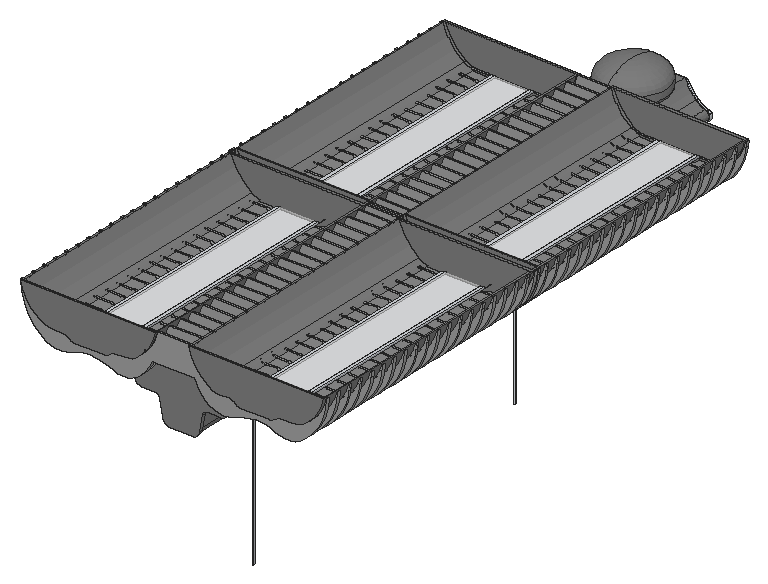
Revit family "0039276 Feilo Sylvania Lighting Fixtures SYLBAY LED 4000K 37KLM WIDE 1-10V PIR", category Lighting Fixtures, host Face, Revit 2017 (continued)
Definition of nested family "SylbayBody"
  Definition of nested family "SlybayRib"
    Forms (mm)
      Extrusion 2, solid, material <- "BodyMaterial"
        sketch origin (0, 0, 0) x (1, 0, 0) y (0, 0, 1)
          loop
            arc (-159.829, -53.728) -> (-143.258, -61.567) -> (-125.169, -58.599) r 30.791
            arc (-125.169, -58.599) -> (-113.533, -54.576) -> (-101.25, -53.728) r 46.777
            arc (-101.25, -53.728) -> (-87.202, -55.765) -> (-73.664, -60.037) r 87.865
            arc (-73.664, -60.037) -> (-55.541, -61.903) -> (-39.258, -53.728) r 32.519
            arc (-39.258, -53.728) -> (-31.199, -44.469) -> (-25.254, -33.728) r 58.361
            line (-25.254, -33.728) -> (25.254, -33.728)
            arc (25.254, -33.728) -> (31.199, -44.469) -> (39.258, -53.728) r 58.361
            arc (39.258, -53.728) -> (55.541, -61.903) -> (73.664, -60.037) r 32.519
            arc (73.664, -60.037) -> (87.202, -55.765) -> (101.25, -53.728) r 87.865
            arc (101.25, -53.728) -> (113.533, -54.576) -> (125.169, -58.599) r 46.777
            arc (125.169, -58.599) -> (143.258, -61.567) -> (159.829, -53.728) r 30.791
            arc (159.829, -53.728) -> (180.003, -30.129) -> (187.5, 0) r 67.598
            line (187.5, 0) -> (185.5, 0)
            arc (185.5, 0) -> (176.046, -19.314) -> (160.088, -33.728) r 56.788
            arc (160.088, -33.728) -> (153.193, -36.71) -> (145.75, -37.728) r 27.697
            line (145.75, -37.728) -> (132.583, -37.728)
            arc (132.583, -37.728) -> (129.421, -38.242) -> (126.583, -39.728) r 10
            line (126.583, -39.728) -> (123.917, -41.728)
            arc (123.917, -41.728) -> (121.079, -43.215) -> (117.917, -43.728) r 10
            line (117.917, -43.728) -> (84.583, -43.728)
            arc (84.583, -43.728) -> (81.421, -43.215) -> (78.583, -41.728) r 10
            line (78.583, -41.728) -> (75.917, -39.728)
            arc (75.917, -39.728) -> (73.079, -38.242) -> (69.917, -37.728) r 10
            line (69.917, -37.728) -> (58.25, -37.728)
            arc (58.25, -37.728) -> (51.55, -36.705) -> (45.461, -33.728) r 22.443
            arc (45.461, -33.728) -> (30.027, -18.905) -> (20, 0) r 67.602
            line (20, 0) -> (-20, 0)
            arc (-20, 0) -> (-30.027, -18.905) -> (-45.461, -33.728) r 67.602
            arc (-45.461, -33.728) -> (-51.55, -36.705) -> (-58.25, -37.728) r 22.443
            line (-58.25, -37.728) -> (-69.917, -37.728)
            arc (-69.917, -37.728) -> (-73.079, -38.242) -> (-75.917, -39.728) r 10
            line (-75.917, -39.728) -> (-78.583, -41.728)
            arc (-78.583, -41.728) -> (-81.421, -43.215) -> (-84.583, -43.728) r 10
            line (-84.583, -43.728) -> (-117.917, -43.728)
            arc (-117.917, -43.728) -> (-121.079, -43.215) -> (-123.917, -41.728) r 10
            line (-123.917, -41.728) -> (-126.583, -39.728)
            arc (-126.583, -39.728) -> (-129.421, -38.242) -> (-132.583, -37.728) r 10
            line (-132.583, -37.728) -> (-145.75, -37.728)
            arc (-145.75, -37.728) -> (-153.193, -36.71) -> (-160.088, -33.728) r 27.697
            arc (-160.088, -33.728) -> (-176.046, -19.314) -> (-185.5, 0) r 56.788
            line (-185.5, 0) -> (-187.5, 0)
        from 1.25 <- "RibExtrusionStart_FEILO" to -1.25 <- "RibExtrusionEnd_FEILO"
    Dimensions and locks
      equal spacing: plane 5, plane 3 "Center (Left/Right)", plane 4
      locked: plane 5 to plane 4 at 375
      locked: plane 6 to plane 7 at 62.478
      locked: plane 6 to plane 8 at 53.728
      equal spacing: plane 10, plane 3 "Center (Left/Right)", plane 9
      plane 3 "Center (Left/Right)" to plane 9 = 102.75 mm
      locked: plane 6 to plane 11 at 33.728
      equal spacing: plane 13, plane 9, plane 12
      locked: plane 14 to plane 8 at 10
      equal spacing: plane 16, plane 9, plane 15
      locked: plane 9 to plane 15 at 20
      locked: plane 17 to plane 14 at 6
      equal spacing: plane 19, plane 9, plane 18
      locked: plane 15 to plane 18 at 8
      equal spacing: plane 21, plane 9, plane 20
      locked: plane 18 to plane 20 at 15
      locked: plane 13 to plane 22 at 5.3
      locked: plane 3 "Center (Left/Right)" to Extrusion 2 sketch curve at 83.982  (x2)
      locked: plane 3 "Center (Left/Right)" to Extrusion 2 sketch curve at 79.005  (x2)
      locked: plane 3 "Center (Left/Right)" to Extrusion 2 sketch curve at 119.907  (x2)
      locked: plane 3 "Center (Left/Right)" to Extrusion 2 sketch curve at 61.405  (x2)
      locked: plane 3 "Center (Left/Right)" to Extrusion 2 sketch curve at 138.973  (x2)
      locked: plane 3 "Center (Left/Right)" to Extrusion 2 sketch curve at 84.583  (x2)
      locked: plane 3 "Center (Left/Right)" to Extrusion 2 sketch curve at 117.917  (x2)
      locked: plane 3 "Center (Left/Right)" to Extrusion 2 sketch curve at 132.583  (x2)
      locked: plane 3 "Center (Left/Right)" to Extrusion 2 sketch curve at 69.917  (x2)
      locked: Extrusion 2 sketch curve to plane 6 at 21.825  (x2)
      locked: Extrusion 2 sketch curve to plane 6 at 0.822  (x2)
      locked: plane 6 to Extrusion 2 sketch curve at 10.994  (x2)
      locked: plane 6 to Extrusion 2 sketch curve at 15.285  (x2)
      locked: plane 6 to Extrusion 2 sketch curve at 31.076  (x2)
      locked: plane 6 to Extrusion 2 sketch curve at 33.728  (x4)
      locked: plane 6 to Extrusion 2 sketch curve at 29.917  (x2)
      locked: plane 6 to Extrusion 2 sketch curve at 47.728  (x4)
      locked: plane 6 to Extrusion 2 sketch curve at 100.413  (x2)
      locked: plane 6 to Extrusion 2 sketch curve at 141.419  (x2)
      locked: plane 3 "Center (Left/Right)" to Extrusion 2 sketch curve at 106.788  (x2)
      locked: plane 3 "Center (Left/Right)" to Extrusion 2 sketch curve at 104.198  (x2)
      locked: plane 3 "Center (Left/Right)" to Extrusion 2 sketch curve at 130.69  (x2)
      locked: Extrusion 2 sketch curve to plane 6 at 14.858  (x2)
      locked: plane 6 to Extrusion 2 sketch curve at 10.032  (x2)
      locked: plane 3 "Center (Left/Right)" to Extrusion 2 sketch curve at 145.75  (x2)
      aligned and locked: plane 2 to Extrusion 1
      aligned and locked: level to Extrusion 1
      aligned and locked: plane 6 to Extrusion 2 sketch curve
      aligned and locked: plane 4 to Extrusion 2 sketch curve
      aligned and locked: plane 17 to Extrusion 2 sketch curve
      aligned and locked: plane 14 to Extrusion 2 sketch curve
      aligned and locked: Extrusion 2 sketch curve to plane 17
      aligned and locked: plane 8 to Extrusion 2 sketch curve  (x3)
      aligned and locked: plane 2 to plane 6
      aligned and locked: plane 20 to Extrusion 2 sketch curve
      aligned and locked: plane 11 to Extrusion 2 sketch curve  (x2)
      aligned and locked: plane 12 to Extrusion 2 sketch curve
      aligned and locked: Extrusion 2 sketch curve to plane 6
      aligned and locked: Extrusion 2 sketch curve to level
      aligned and locked: Extrusion 2 sketch curve to plane 11
    Automatic sketch dimensions
      Extrusion 1 sketch curve to Extrusion 1 sketch curve = 2438.4 mm  (x2)
      Extrusion 2 sketch curve to plane 11 = 0 mm  (x6)
      Extrusion 2 sketch curve to plane 8 = 0 mm  (x7)
      Extrusion 2 sketch curve to plane 17 = 0 mm
      Extrusion 2 sketch curve to plane 5 = 0 mm
      Extrusion 2 sketch curve to plane 14 = 0 mm
      Extrusion 2 sketch curve to plane 17 = 2 mm  (x3)
      Extrusion 2 sketch curve to plane 15 = 1.167 mm
      plane 14 to Extrusion 2 sketch curve = 2 mm  (x3)
      Extrusion 2 sketch curve to plane 19 = 1.167 mm
Definition of nested family "SlybayRib"
  Parameters (values of type "SylbayRib")
    URL = "http://www.feilosylvania.com"
    Type Image = (empty or 0)
    Type Comments = "n/a"
    RibThickness_FEILO = 2.5 mm
    RibExtrusionStart_FEILO = RibThickness_FEILO / 2  # 1.25 mm
    RibExtrusionEnd_FEILO = -RibThickness_FEILO / 2  # -1.25 mm
    RibDistance_FEILO = 0 mm
    Model = ""
    Manufacturer = "Feilo Sylvania"
    Keynote = ""
    Description = "n/a"
    Default Elevation = 1219.2 mm
    Cost = 0
    BodyMaterial = none
    Assembly Code = ""
  Reference planes
    plane 1 "Center (Front/Back)": y = 0
    plane 2: z = 0
    plane 3 "Center (Left/Right)": x = 0
    plane 4: x = -187.5
    plane 5: x = 187.5
    plane 6: z = 0
    plane 7: z = -62.478
    plane 8: z = -53.728
    plane 9: x = -102.75
    plane 10: x = 102.75
    plane 11: z = -33.728
    plane 12: x = -185.5
    plane 13: x = -20
    plane 14: z = -43.728
    plane 15: x = -122.75
    plane 16: x = -82.75
    plane 17: z = -37.728
    plane 18: x = -130.75
    plane 19: x = -74.75
    plane 20: x = -145.75
    plane 21: x = -59.75
    plane 22: x = -25.3
  Forms (mm)
    Extrusion 1, solid
      sketch origin (4.2, 0, 0) x (1, 0, 0) y (0, 1, 0)
        loop
          line (-1219.2, 1219.2) -> (-1219.2, -1219.2) -> (1219.2, -1219.2) -> (1219.2, 1219.2) -> (-1219.2, 1219.2)
      from 0 to -304.8
    Extrusion 2, solid, material <- "BodyMaterial"
      sketch origin (0, 0, 0) x (1, 0, 0) y (0, 0, 1)
        loop
          arc (-187.5, 0) -> (-180.003, -30.129) -> (-159.829, -53.728) r 67.598
          arc (-159.829, -53.728) -> (-143.258, -61.567) -> (-125.169, -58.599) r 30.791
          arc (-125.169, -58.599) -> (-113.533, -54.576) -> (-101.25, -53.728) r 46.777
          arc (-101.25, -53.728) -> (-87.202, -55.765) -> (-73.664, -60.037) r 87.865
          arc (-73.664, -60.037) -> (-55.541, -61.903) -> (-39.258, -53.728) r 32.519
          arc (-39.258, -53.728) -> (-31.199, -44.469) -> (-25.254, -33.728) r 58.361
          line (-25.254, -33.728) -> (25.254, -33.728)
          arc (25.254, -33.728) -> (31.199, -44.469) -> (39.258, -53.728) r 58.361
          arc (39.258, -53.728) -> (55.541, -61.903) -> (73.664, -60.037) r 32.519
          arc (73.664, -60.037) -> (87.202, -55.765) -> (101.25, -53.728) r 87.865
          arc (101.25, -53.728) -> (113.533, -54.576) -> (125.169, -58.599) r 46.777
          arc (125.169, -58.599) -> (143.258, -61.567) -> (159.829, -53.728) r 30.791
          arc (159.829, -53.728) -> (180.003, -30.129) -> (187.5, 0) r 67.598
          line (187.5, 0) -> (185.5, 0)
          arc (185.5, 0) -> (176.046, -19.314) -> (160.088, -33.728) r 56.788
          arc (160.088, -33.728) -> (153.193, -36.71) -> (145.75, -37.728) r 27.697
          line (145.75, -37.728) -> (132.583, -37.728)
          arc (132.583, -37.728) -> (129.421, -38.242) -> (126.583, -39.728) r 10
          line (126.583, -39.728) -> (123.917, -41.728)
          arc (123.917, -41.728) -> (121.079, -43.215) -> (117.917, -43.728) r 10
          line (117.917, -43.728) -> (84.583, -43.728)
          arc (84.583, -43.728) -> (81.421, -43.215) -> (78.583, -41.728) r 10
          line (78.583, -41.728) -> (75.917, -39.728)
          arc (75.917, -39.728) -> (73.079, -38.242) -> (69.917, -37.728) r 10
          line (69.917, -37.728) -> (58.25, -37.728)
          arc (58.25, -37.728) -> (51.55, -36.705) -> (45.461, -33.728) r 22.443
          arc (45.461, -33.728) -> (30.027, -18.905) -> (20, 0) r 67.602
          line (20, 0) -> (-20, 0)
          arc (-20, 0) -> (-30.027, -18.905) -> (-45.461, -33.728) r 67.602
          arc (-45.461, -33.728) -> (-51.55, -36.705) -> (-58.25, -37.728) r 22.443
          line (-58.25, -37.728) -> (-69.917, -37.728)
          arc (-69.917, -37.728) -> (-73.079, -38.242) -> (-75.917, -39.728) r 10
          line (-75.917, -39.728) -> (-78.583, -41.728)
          arc (-78.583, -41.728) -> (-81.421, -43.215) -> (-84.583, -43.728) r 10
          line (-84.583, -43.728) -> (-117.917, -43.728)
          arc (-117.917, -43.728) -> (-121.079, -43.215) -> (-123.917, -41.728) r 10
          line (-123.917, -41.728) -> (-126.583, -39.728)
          arc (-126.583, -39.728) -> (-129.421, -38.242) -> (-132.583, -37.728) r 10
          line (-132.583, -37.728) -> (-145.75, -37.728)
          arc (-145.75, -37.728) -> (-153.193, -36.71) -> (-160.088, -33.728) r 27.697
          arc (-160.088, -33.728) -> (-176.046, -19.314) -> (-185.5, 0) r 56.788
          line (-185.5, 0) -> (-187.5, 0)
      from 1.25 <- "RibExtrusionStart_FEILO" to -1.25 <- "RibExtrusionEnd_FEILO"
  Dimensions and locks
    equal spacing: plane 5, plane 3 "Center (Left/Right)", plane 4
    locked: plane 5 to plane 4 at 375
    locked: plane 6 to plane 7 at 62.478
    locked: plane 6 to plane 8 at 53.728
    equal spacing: plane 10, plane 3 "Center (Left/Right)", plane 9
    plane 3 "Center (Left/Right)" to plane 9 = 102.75 mm
    locked: plane 6 to plane 11 at 33.728
    equal spacing: plane 13, plane 9, plane 12
    locked: plane 14 to plane 8 at 10
    equal spacing: plane 16, plane 9, plane 15
    locked: plane 9 to plane 15 at 20
    locked: plane 17 to plane 14 at 6
    equal spacing: plane 19, plane 9, plane 18
    locked: plane 15 to plane 18 at 8
    equal spacing: plane 21, plane 9, plane 20
    locked: plane 18 to plane 20 at 15
    locked: plane 13 to plane 22 at 5.3
    locked: plane 3 "Center (Left/Right)" to Extrusion 2 sketch curve at 83.982  (x2)
    locked: plane 3 "Center (Left/Right)" to Extrusion 2 sketch curve at 79.005  (x2)
    locked: plane 3 "Center (Left/Right)" to Extrusion 2 sketch curve at 119.907  (x2)
    locked: plane 3 "Center (Left/Right)" to Extrusion 2 sketch curve at 61.405  (x2)
    locked: plane 3 "Center (Left/Right)" to Extrusion 2 sketch curve at 138.973  (x2)
    locked: plane 3 "Center (Left/Right)" to Extrusion 2 sketch curve at 84.583  (x2)
    locked: plane 3 "Center (Left/Right)" to Extrusion 2 sketch curve at 117.917  (x2)
    locked: plane 3 "Center (Left/Right)" to Extrusion 2 sketch curve at 132.583  (x2)
    locked: plane 3 "Center (Left/Right)" to Extrusion 2 sketch curve at 69.917  (x2)
    locked: Extrusion 2 sketch curve to plane 6 at 21.825  (x2)
    locked: Extrusion 2 sketch curve to plane 6 at 0.822  (x2)
    locked: plane 6 to Extrusion 2 sketch curve at 10.994  (x2)
    locked: plane 6 to Extrusion 2 sketch curve at 15.285  (x2)
    locked: plane 6 to Extrusion 2 sketch curve at 31.076  (x2)
    locked: plane 6 to Extrusion 2 sketch curve at 33.728  (x4)
    locked: plane 6 to Extrusion 2 sketch curve at 29.917  (x2)
    locked: plane 6 to Extrusion 2 sketch curve at 47.728  (x4)
    locked: plane 6 to Extrusion 2 sketch curve at 100.413  (x2)
    locked: plane 6 to Extrusion 2 sketch curve at 141.419  (x2)
    locked: plane 3 "Center (Left/Right)" to Extrusion 2 sketch curve at 106.788  (x2)
    locked: plane 3 "Center (Left/Right)" to Extrusion 2 sketch curve at 104.198  (x2)
    locked: plane 3 "Center (Left/Right)" to Extrusion 2 sketch curve at 130.69  (x2)
    locked: Extrusion 2 sketch curve to plane 6 at 14.858  (x2)
    locked: plane 6 to Extrusion 2 sketch curve at 10.032  (x2)
    locked: plane 3 "Center (Left/Right)" to Extrusion 2 sketch curve at 145.75  (x2)
    aligned and locked: plane 2 to Extrusion 1
    aligned and locked: level to Extrusion 1
    aligned and locked: plane 6 to Extrusion 2 sketch curve
    aligned and locked: plane 4 to Extrusion 2 sketch curve
    aligned and locked: plane 17 to Extrusion 2 sketch curve
    aligned and locked: plane 14 to Extrusion 2 sketch curve
    aligned and locked: Extrusion 2 sketch curve to plane 17
    aligned and locked: plane 8 to Extrusion 2 sketch curve  (x3)
    aligned and locked: plane 2 to plane 6
    aligned and locked: plane 20 to Extrusion 2 sketch curve
    aligned and locked: plane 11 to Extrusion 2 sketch curve  (x2)
    aligned and locked: plane 12 to Extrusion 2 sketch curve
    aligned and locked: Extrusion 2 sketch curve to plane 6
    aligned and locked: Extrusion 2 sketch curve to level
    aligned and locked: Extrusion 2 sketch curve to plane 11
  Automatic sketch dimensions
    Extrusion 1 sketch curve to Extrusion 1 sketch curve = 2438.4 mm  (x2)
    Extrusion 2 sketch curve to plane 11 = 0 mm  (x6)
    Extrusion 2 sketch curve to plane 8 = 0 mm  (x7)
    Extrusion 2 sketch curve to plane 17 = 0 mm
    Extrusion 2 sketch curve to plane 5 = 0 mm
    Extrusion 2 sketch curve to plane 14 = 0 mm
    Extrusion 2 sketch curve to plane 17 = 2 mm  (x3)
    Extrusion 2 sketch curve to plane 15 = 1.167 mm
    plane 14 to Extrusion 2 sketch curve = 2 mm  (x3)
    Extrusion 2 sketch curve to plane 19 = 1.167 mm
